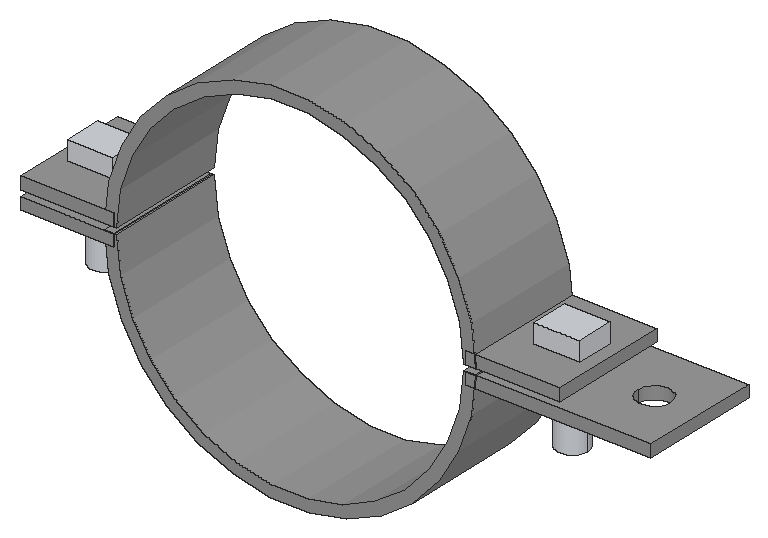
Revit family "Rohrschelle", category Generic Models, Revit 2015
Parameters (values of type "303 DIN-4")
  Width 1 = 56 mm
  Width = 58 mm
  URL = "http://www.obo-bettermann.com"
  SW = 13 mm
  Radius 2 = 5 mm
  Radius 1 = 61.2 mm
  Radius = 57.2 mm
  Material = Hot-dip galvanised
  Manufacturer Art.No. = "5102278"
  Manufacturer = "OBO Bettermann"
  Length 2 = 77 mm
  Length 1 = 118.9 mm
  Length = 88.9 mm
  Height 3 = 25 mm
  Height 2 = 13 mm
  Height 1 = 11.4 mm
  Height = 4 mm
  GTIN = "4012195400394"
  Article Type = "303 DIN-4"
Types (12, lengths in mm): name | Width 1 | Width | Radius 2 | Radius 1 | Radius | Manufacturer Art.No. | Length 2 | Length 1 | Length | Height 3 | Height 2 | Height 1 | Height | GTIN | Article Type
  (no name) | 56 | 58 | 5 | 61.2 | 57.2 | "5102278" | 77 | 118.9 | 88.9 | 25 | 13 | 11.4 | 4 | "4012195400394" | "303 DIN-4"
  303 DIN-3/8 | 8 | 9 | 4 | 11.6 | 8.6 | "5102057" | 26.9 | 68.9 | 38.9 | 16 | 10.5 | 9.3 | 3 | "4012195399797" | "303 DIN-3/8"
  303 DIN-1/2 | 10 | 11 | 4 | 13.7 | 10.7 | "5102073" | 29.1 | 71 | 41 | 16 | 10.5 | 9.3 | 3 | "4012195399858" | "303 DIN-1/2"
  303 DIN-3/4 | 12 | 15 | 4 | 16.5 | 13.5 | "5102081" | 32 | 74 | 44 | 16 | 10.5 | 9.3 | 3 | "4012195399919" | "303 DIN-3/4"
  303 DIN-1 | 16 | 17.5 | 4 | 19.9 | 16.9 | "5102111" | 35.4 | 77.4 | 47.4 | 16 | 10.5 | 9.3 | 3 | "4012195399971" | "303 DIN-1"
  303 DIN-1 1/4 | 19 | 21.5 | 4 | 24.2 | 21.2 | "5102138" | 39.9 | 81.9 | 51.9 | 16 | 10.5 | 9.3 | 3 | "4012195400035" | "303 DIN-1 1/4"
  303 DIN-1 1/2 | 23.8 | 24.5 | 4 | 27.2 | 24.2 | "5102154" | 42.9 | 84.9 | 54.9 | 16 | 10.5 | 9.3 | 3 | "4012195400097" | "303 DIN-1 1/2"
  303 DIN-2 | 29 | 31 | 4 | 33.2 | 30.2 | "5102197" | 48.9 | 90.9 | 60.9 | 16 | 10.5 | 9.3 | 3 | "4012195400158" | "303 DIN-2"
  303 DIN-2 1/2 | 37 | 39 | 4 | 41.1 | 38.1 | "5102219" | 56.9 | 98.9 | 68.9 | 16 | 10.5 | 9.3 | 3 | "4012195400219" | "303 DIN-2 1/2"
  303 DIN-3 | 43.5 | 45 | 4 | 47.5 | 44.5 | "5102235" | 63.3 | 105.3 | 75.3 | 16 | 10.5 | 9.3 | 3 | "4012195400271" | "303 DIN-3"
  303 DIN-3 1/2 | 49 | 51 | 4 | 53 | 50 | "5102251" | 68.9 | 110.8 | 80.8 | 16 | 10.5 | 9.3 | 3 | "4012195400332" | "303 DIN-3 1/2"
  303 DIN-4 | 56 | 58 | 5 | 61.2 | 57.2 | "5102278" | 77 | 118.9 | 88.9 | 25 | 13 | 11.4 | 4 | "4012195400394" | "303 DIN-4"
Reference planes
  plane 1 "Center (Front/Back)": y = 0
  plane 2: z = 0
  plane 3 "Center (Left/Right)": x = 0
  plane 4: y = 20
  plane 5: y = -20
  plane 6: z = -25
  plane 7: z = -13
  plane 8: x = 71
  plane 9: z = 11.4
Forms (mm)
  Extrusion 1, solid, material "Hot-dip galvanised" <- "Material"
    sketch origin (25.594, 0, -20.303) x (1, 0, 0) y (0, 0, 1)
      loop
        circle (-25.594, 20.303) r 57.2
      loop
        circle (-25.594, 20.303) r 61.2
    from -20 to 20
  Extrusion 2, solid, material "Hot-dip galvanised" <- "Material"
    sketch origin (0, 0, 0) x (1, 0, 0) y (0, 0, 1)
      loop
        line (58, 5) -> (58, 1) -> (88.9, 1) -> (88.9, 5) -> (58, 5)
      loop
        line (58, -1) -> (58, -5) -> (118.9, -5) -> (118.9, -1) -> (58, -1)
    from -20 to 20
  Extrusion 3, solid, material "Hot-dip galvanised" <- "Material"
    sketch origin (0, 0, 0) x (1, 0, 0) y (0, 0, 1)
      loop
        line (-58, 5) -> (-88.9, 5) -> (-88.9, 1) -> (-58, 1) -> (-58, 5)
      loop
        line (-58, -1) -> (-88.9, -1) -> (-88.9, -5) -> (-58, -5) -> (-58, -1)
    from -20 to 20
  Extrusion 4, void
    sketch origin (31.38, 0, 0) x (1, 0, 0) y (0, 1, 0)
      loop
        circle (72.52, 0) r 5.5
    from -5 to -1
  Extrusion 5, solid
    sketch origin (0, 0, 0) x (1, 0, 0) y (0, 1, 0)
      loop
        circle (77, 0) r 5
      loop
        circle (-77, 0) r 5
    from -25 to 5
  Extrusion 6, solid
    sketch origin (0, 0, 0) x (1, 0, 0) y (0, 1, 0)
      loop
        line (69.41, 6.256) -> (69.41, -6.256) -> (84.41, -6.256) -> (84.41, 6.256) -> (69.41, 6.256)
      loop
        line (-84.41, 6.256) -> (-84.41, -6.256) -> (-69.41, -6.256) -> (-69.41, 6.256) -> (-84.41, 6.256)
    from 5 to 11.4
  Extrusion 7, solid
    sketch origin (0, 0, 0) x (1, 0, 0) y (0, 1, 0)
      loop
        line (-69.41, 6.256) -> (-84.41, 6.256) -> (-84.41, -6.256) -> (-69.41, -6.256) -> (-69.41, 6.256)
      loop
        line (84.41, 6.256) -> (69.41, 6.256) -> (69.41, -6.256) -> (84.41, -6.256) -> (84.41, 6.256)
    from -13 to -5
  Extrusion 8, void
    sketch origin (0, 0, 0) x (1, 0, 0) y (0, 0, 1)
      loop
        line (64, 1) -> (56, 1) -> (56, -1) -> (64, -1) -> (64, 1)
      loop
        line (-64, 1) -> (-64, -1) -> (-56, -1) -> (-56, 1) -> (-64, 1)
    from -20 to 20
Cuts and joins
  Extrusion 4, Extrusion 8 cuts Extrusion 2
  Extrusion 8 cuts Extrusion 1
Dimensions and locks
  locked: plane 4 to plane 5 at 40
  locked: plane 1 "Center (Front/Back)" to plane 4 at 20
  locked: Extrusion 1 sketch curve to plane 3 "Center (Left/Right)"  (x2)
  locked: level to Extrusion 1 sketch curve  (x2)
  locked: Extrusion 2 sketch curve to level at 1
  "Height": Extrusion 2 sketch curve to Extrusion 2 sketch curve  (x2)
  "Width": Extrusion 2 sketch curve to plane 3 "Center (Left/Right)"
  "Length": plane 3 "Center (Left/Right)" to Extrusion 2 sketch curve
  locked: level to Extrusion 2 sketch curve at 1
  "Length 1": Extrusion 2 sketch curve to plane 3 "Center (Left/Right)"
  "Length": plane 3 "Center (Left/Right)" to Extrusion 3 sketch curve
  locked: Extrusion 3 sketch curve to level at 1
  "Height": Extrusion 3 sketch curve to Extrusion 3 sketch curve  (x2)
  "Width": plane 3 "Center (Left/Right)" to Extrusion 3 sketch curve
  locked: level to Extrusion 3 sketch curve at 1
  locked: plane 1 "Center (Front/Back)" to Extrusion 4 sketch curve
  locked: Extrusion 4 sketch curve to cut or joined group of Extrusion 2, Extrusion 4, Extrusion 8 at 15
  locked: plane 1 "Center (Front/Back)" to Extrusion 5 sketch curve at 0
  "Length 2": plane 3 "Center (Left/Right)" to Extrusion 5 sketch curve
  locked: plane 1 "Center (Front/Back)" to Extrusion 5 sketch curve
  "Length 2": Extrusion 5 sketch curve to plane 3 "Center (Left/Right)"
  locked: Extrusion 6 sketch curve to Extrusion 6 sketch curve at 15  (x2)
  Extrusion 6 sketch curve to Extrusion 6 sketch curve = 12.512 mm
  equal spacing: Extrusion 6 sketch curve, plane 1 "Center (Front/Back)", Extrusion 6 sketch curve, locked at 6.256 each
  locked: Extrusion 6 sketch curve to cut or joined group of Extrusion 2, Extrusion 4, Extrusion 8 at 4.49
  locked: Extrusion 8 sketch curve to Extrusion 8 sketch curve at 8  (x2)
  "Width 1": Extrusion 8 sketch curve to plane 3 "Center (Left/Right)"  (x2)
  locked: Extrusion 3 to Extrusion 6 sketch curve at 4.49
  "Height 3": level to plane 6
  "Height 1": plane 9 to level
  "Height 2": level to plane 7
  "Radius": radius of Extrusion 1 sketch curve
  "Radius 1": radius of Extrusion 1 sketch curve
  radius of Extrusion 4 sketch curve = 5.5 mm
  "Radius 2": radius of Extrusion 5 sketch curve  (x2)
  aligned and locked: level to plane 2
  aligned and locked: plane 4 to Extrusion 1
  aligned and locked: Extrusion 1 to plane 5
  aligned and locked: Extrusion 2 sketch curve to Extrusion 2 sketch curve
  aligned and locked: plane 4 to Extrusion 2
  aligned and locked: Extrusion 2 to plane 5
  aligned and locked: Extrusion 3 sketch curve to Extrusion 3 sketch curve  (x2)
  aligned and locked: plane 4 to Extrusion 3
  aligned and locked: Extrusion 3 to plane 5
  aligned and locked: Extrusion 2 to Extrusion 4
  aligned and locked: Extrusion 6 sketch curve to Extrusion 6 sketch curve  (x2)
  aligned and locked: Extrusion 8 sketch curve to cut or joined group of Extrusion 2, Extrusion 4, Extrusion 8  (x2)
  aligned and locked: plane 4 to Extrusion 8
  aligned and locked: Extrusion 8 to plane 5
  aligned and locked: Extrusion 8 sketch curve to Extrusion 8 sketch curve  (x2)
  aligned and locked: Extrusion 7 sketch curve to Extrusion 6  (x8)
  aligned and locked: Extrusion 6 to Extrusion 3
  aligned and locked: cut or joined group of Extrusion 2, Extrusion 4, Extrusion 8 to Extrusion 5
  aligned and locked: Extrusion 7 to cut or joined group of Extrusion 2, Extrusion 4, Extrusion 8
  aligned and locked: Extrusion 5 to plane 6
  aligned and locked: Extrusion 6 to plane 9
  aligned and locked: Extrusion 7 to plane 7
